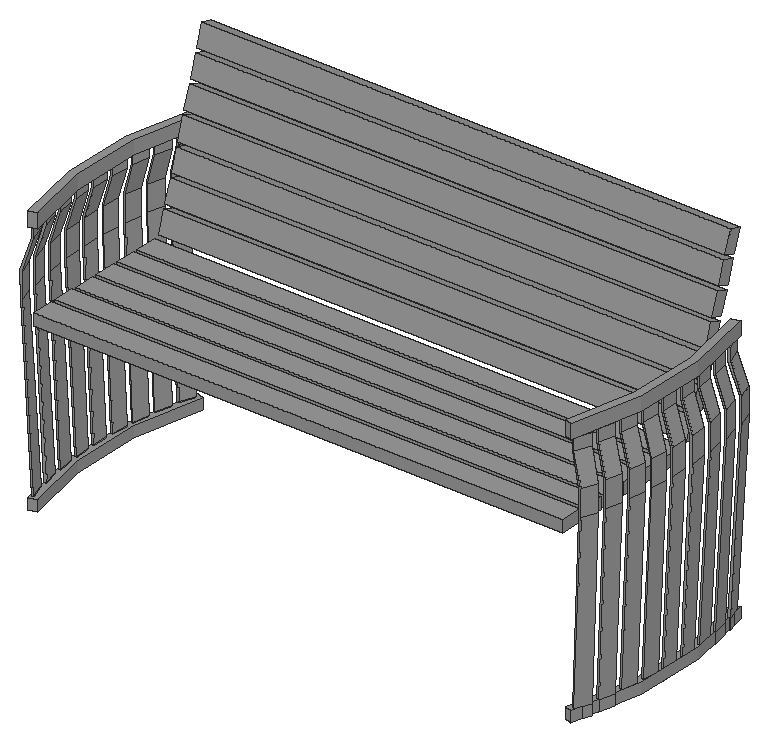
Revit family "Скамейка стальная «Плума» Арт 12915", category Антураж, Revit 2018
Family settings
  На основе рабочей плоскости = Нет
  Всегда вертикально = Да
  При загрузке вырезать с полостями = Нет
  Источник визуального образа = Геометрия семейства
  Общий = Нет
  Точка расчета площади = Нет
Parameters (values of type "Версия 1,50 м. Нержавеющая сталь")
  Ширина = 560 mm  # constant formula
  Цвет опоры = Нержавеющая сталь
  Цвет лавки = Дерево
  Описание = if([Версия 1,5 м], "Скамейка стальная «Плума». Версия 1,5 м", if([Версия 1,5 м НС], "Скамейка стальная «Плума». Версия 1,5 м. Нержавеющая сталь", "Скамейка стальная «Плума». Версия 1,8 м"))  # "Скамейка стальная «Плума». Версия 1,5 м. Нержавеющая сталь"
  Материал изделия = if(or([Версия 1,5 м], [Версия 1,8 м]), "Сталь, дерево", "Нержавеющая сталь, дерево")  # "Нержавеющая сталь, дерево"
  Изображение типоразмера = Скамейка стальная «Плума» Арт 12915.jpg
  Изготовитель = "ООО «Хоббика»"  # constant formula
  Длина = if(or([Версия 1,5 м], [Версия 1,5 м НС]), 1500 mm, 1800 mm)  # 1500 mm
  Группа модели = "Скамейки"  # constant formula
  Высота = 880 mm  # constant formula
  Версия 1,8 м = not(or([Версия 1,5 м], [Версия 1,5 м НС]))  # no
  Версия 1,5 м НС = yes
  Версия 1,5 м = no
  Артикул товара = "Арт. 12915"  # constant formula
  URL = "https://hobbyka.ru/product/skameyka_ulichnaya_pluma/"
Types (4, lengths in mm): name | Цвет опоры | Описание | Материал изделия | Длина | Версия 1,8 м | Версия 1,5 м НС | Версия 1,5 м
  (no name) | Нержавеющая сталь | "Скамейка стальная «Плума». Версия 1,5 м. Нержавеющая сталь" | "Нержавеющая сталь, дерево" | 1500 | no | yes | no
  Версия 1,5 м | Сталь | "Скамейка стальная «Плума». Версия 1,5 м" | "Сталь, дерево" | 1500 | no | no | yes
  Версия 1,50 м. Нержавеющая сталь | Нержавеющая сталь | "Скамейка стальная «Плума». Версия 1,5 м. Нержавеющая сталь" | "Нержавеющая сталь, дерево" | 1500 | no | yes | no
  Версия 1,8 м | Сталь | "Скамейка стальная «Плума». Версия 1,8 м" | "Сталь, дерево" | 1800 | yes | no | no
Reference planes
  plane 1 "По центру (Вперед/Назад)": y = 0
  plane 2: z = 0
  plane 3 "По центру (Влево/Вправо)": x = 0
  plane 4: x = 1500
  plane 5: y = 560
  plane 6: x = 1416.733
  plane 7: x = 83.267
  plane 8: z = 880
Forms (mm)
  Extrusion 1, solid, material "Дерево" <- "Цвет лавки"
    sketch origin (0, 0, 0) x (0, 1, 0) y (0, 0, 1)
      loop
        line (530, 880) -> (513.004, 827.692) -> (541.536, 818.421) -> (558.532, 870.729) -> (530, 880)
      loop
        line (380, 454.11) -> (325, 454.11) -> (325, 424.11) -> (380, 424.11) -> (380, 454.11)
      loop
        line (509.914, 818.181) -> (492.918, 765.873) -> (521.45, 756.603) -> (538.446, 808.911) -> (509.914, 818.181)
      loop
        line (489.828, 756.363) -> (472.832, 704.055) -> (501.364, 694.784) -> (518.359, 747.092) -> (489.828, 756.363)
      loop
        line (469.742, 694.544) -> (452.746, 642.236) -> (481.277, 632.965) -> (498.273, 685.273) -> (469.742, 694.544)
      loop
        line (449.656, 632.725) -> (432.66, 580.417) -> (461.191, 571.147) -> (478.187, 623.455) -> (449.656, 632.725)
      loop
        line (429.569, 570.907) -> (412.574, 518.599) -> (441.105, 509.328) -> (458.101, 561.636) -> (429.569, 570.907)
      loop
        line (409.483, 509.088) -> (392.487, 456.78) -> (421.019, 447.509) -> (438.015, 499.817) -> (409.483, 509.088)
      loop
        line (0, 454.11) -> (0, 424.11) -> (55, 424.11) -> (55, 454.11) -> (0, 454.11)
      loop
        line (65, 454.11) -> (65, 424.11) -> (120, 424.11) -> (120, 454.11) -> (65, 454.11)
      loop
        line (130, 454.11) -> (130, 424.11) -> (185, 424.11) -> (185, 454.11) -> (130, 454.11)
      loop
        line (195, 454.11) -> (195, 424.11) -> (250, 424.11) -> (250, 454.11) -> (195, 454.11)
      loop
        line (260, 454.11) -> (260, 424.11) -> (315, 424.11) -> (315, 454.11) -> (260, 454.11)
    from 83.267 to 1416.733
Dimensions and locks
  "Ширина": plane 5 to plane 1 "По центру (Вперед/Назад)"
  "Длина": plane 3 "По центру (Влево/Вправо)" to plane 4
  locked: plane 6 to plane 4 at 83.267
  locked: plane 3 "По центру (Влево/Вправо)" to plane 7 at 83.267
  "Высота": plane 8 to plane 2
  aligned and locked: level to plane 2
  aligned and locked: plane 3 "По центру (Влево/Вправо)" to nested 1
  aligned and locked: plane 4 to nested 2
  aligned and locked: Extrusion 1 to plane 7
  aligned and locked: plane 6 to Extrusion 1
Automatic sketch dimensions
  Extrusion 1 sketch curve to plane 1 "По центру (Вперед/Назад)" = 0 mm
  Extrusion 1 sketch curve to plane 8 = 0 mm
  Extrusion 1 sketch curve to plane 5 = 1.468 mm
  Extrusion 1 sketch curve to Extrusion 1 sketch curve = 9.271 mm
  Extrusion 1 sketch curve to Extrusion 1 sketch curve = 16.996 mm  (x5)
  Extrusion 1 sketch curve to Extrusion 1 sketch curve = 3.09 mm  (x12)
  Extrusion 1 sketch curve to plane 5 = 50.086 mm
  Extrusion 1 sketch curve to Extrusion 1 sketch curve = 32.67 mm
  Extrusion 1 sketch curve to plane 1 "По центру (Вперед/Назад)" = 55 mm
  Extrusion 1 sketch curve to Extrusion 1 sketch curve = 55 mm  (x5)
  Extrusion 1 sketch curve to Extrusion 1 sketch curve = 10 mm  (x5)
  Extrusion 1 sketch curve to Extrusion 1 sketch curve = 12.487 mm
  Extrusion 1 sketch curve to Extrusion 1 sketch curve = 30 mm  (x4)
  Extrusion 1 sketch curve to Extrusion 1 sketch curve = 61.819 mm  (x2)
  Extrusion 1 sketch curve to Extrusion 1 sketch curve = 43.038 mm
  Extrusion 1 sketch curve to Extrusion 1 sketch curve = 9.511 mm  (x9)
  Extrusion 1 sketch curve to Extrusion 1 sketch curve = 28.532 mm
  Extrusion 1 sketch curve to Extrusion 1 sketch curve = 0 mm  (x7)
Nested families
  nested 1: "Скамейка стальная «Плума» Арт 12915 опора" at (0, 0, 0), type "Скамейка стальная «Плума» Арт 12915 опора"
  nested 2: "Скамейка стальная «Плума» Арт 12915 опора" at (1500, 0, 0) x (-1, 0, 0) z (0, 0, 1), type "Скамейка стальная «Плума» Арт 12915 опора"
Definition of nested family "Скамейка стальная «Плума» Арт 12915 опора"
  Parameters (values of type "Скамейка стальная «Плума» Арт 12915 опора")
    Цвет опоры = none
    Height = 0 mm
  Reference planes
    plane 1 "По центру (Вперед/Назад)": y = 0
    plane 2: z = 0
    plane 3 "По центру (Влево/Вправо)": x = 0
    plane 4: y = 560
  Forms (mm)
    Extrusion 1, solid, material <- "Цвет опоры"
      sketch origin (0, 0, 0) x (1, 0, 0) y (0, 0, 1)
        loop
          line (28.17, 639.412) -> (28.17, 610.16) -> (5, 534.373) -> (5, 468.955) -> (28.163, 26.971) -> (28.163, 0) -> (33.163, 0) -> (33.163, 27.102) -> (10, 469.086) -> (10, 533.626) -> (33.17, 609.412) -> (33.17, 639.412) -> (28.17, 639.412)
      from -250 to -290
    Extrusion 2, solid, material <- "Цвет опоры"
      sketch origin (-60.911, 265.525, 0) x (0.939708, -0.341978, 0) y (0, 0, 1)
        loop
          line (28.17, 639.412) -> (28.17, 610.16) -> (5, 534.373) -> (5, 468.955) -> (28.163, 26.971) -> (28.163, 0) -> (33.163, 0) -> (33.163, 27.102) -> (10, 469.086) -> (10, 533.626) -> (33.17, 609.412) -> (33.17, 639.412) -> (28.17, 639.412)
      from -250 to -290
    Extrusion 3, solid, material <- "Цвет опоры"
      sketch origin (-21.637, 63.994, 0) x (0.996196, -0.087144, 0) y (0, 0, 1)
        loop
          line (28.17, 639.412) -> (28.17, 610.16) -> (5, 534.373) -> (5, 468.955) -> (28.163, 26.971) -> (28.163, 0) -> (33.163, 0) -> (33.163, 27.102) -> (10, 469.086) -> (10, 533.626) -> (33.17, 609.412) -> (33.17, 639.412) -> (28.17, 639.412)
      from -250 to -290
    Extrusion 4, solid, material <- "Цвет опоры"
      sketch origin (-39.097, 129.739, 0) x (0.984812, -0.173626, 0) y (0, 0, 1)
        loop
          line (28.17, 639.412) -> (28.17, 610.16) -> (5, 534.373) -> (5, 468.955) -> (28.163, 26.971) -> (28.163, 0) -> (33.163, 0) -> (33.163, 27.102) -> (10, 469.086) -> (10, 533.626) -> (33.17, 609.412) -> (33.17, 639.412) -> (28.17, 639.412)
      from -250 to -290
    Extrusion 5, solid, material <- "Цвет опоры"
      sketch origin (-52.234, 196.998, 0) x (0.965935, -0.258786, 0) y (0, 0, 1)
        loop
          line (28.17, 639.412) -> (28.17, 610.16) -> (5, 534.373) -> (5, 468.955) -> (28.163, 26.971) -> (28.163, 0) -> (33.163, 0) -> (33.163, 27.102) -> (10, 469.086) -> (10, 533.626) -> (33.17, 609.412) -> (33.17, 639.412) -> (28.17, 639.412)
      from -250 to -290
    Extrusion 6, solid, material <- "Цвет опоры"
      sketch origin (-60.911, 277.146, 0) x (0.939708, 0.341978, 0) y (0, 0, -1)
        loop
          line (28.17, -639.412) -> (33.17, -639.412) -> (33.17, -609.412) -> (10, -533.626) -> (10, -469.086) -> (33.163, -27.102) -> (33.163, 0) -> (28.163, 0) -> (28.163, -26.971) -> (5, -468.955) -> (5, -534.373) -> (28.17, -610.16) -> (28.17, -639.412)
      from -250 to -290
    Extrusion 7, solid, material <- "Цвет опоры"
      sketch origin (-21.637, 478.677, 0) x (0.996196, 0.087144, 0) y (0, 0, -1)
        loop
          line (28.17, -639.412) -> (33.17, -639.412) -> (33.17, -609.412) -> (10, -533.626) -> (10, -469.086) -> (33.163, -27.102) -> (33.163, 0) -> (28.163, 0) -> (28.163, -26.971) -> (5, -468.955) -> (5, -534.373) -> (28.17, -610.16) -> (28.17, -639.412)
      from -250 to -290
    Extrusion 8, solid, material <- "Цвет опоры"
      sketch origin (-39.097, 412.933, 0) x (0.984812, 0.173626, 0) y (0, 0, -1)
        loop
          line (28.17, -639.412) -> (33.17, -639.412) -> (33.17, -609.412) -> (10, -533.626) -> (10, -469.086) -> (33.163, -27.102) -> (33.163, 0) -> (28.163, 0) -> (28.163, -26.971) -> (5, -468.955) -> (5, -534.373) -> (28.17, -610.16) -> (28.17, -639.412)
      from -250 to -290
    Extrusion 9, solid, material <- "Цвет опоры"
      sketch origin (-52.234, 345.673, 0) x (0.965935, 0.258786, 0) y (0, 0, -1)
        loop
          line (28.17, -639.412) -> (33.17, -639.412) -> (33.17, -609.412) -> (10, -533.626) -> (10, -469.086) -> (33.163, -27.102) -> (33.163, 0) -> (28.163, 0) -> (28.163, -26.971) -> (5, -468.955) -> (5, -534.373) -> (28.17, -610.16) -> (28.17, -639.412)
      from -250 to -290
    Extrusion 10, solid, material <- "Цвет опоры"
      sketch origin (0, 0, 0) x (1, 0, 0) y (0, 1, 0)
        loop
          arc (64.185, 538.896) -> (23.17, 271.336) -> (64.185, 3.775) r 893.224
          line (64.185, 3.775) -> (83.267, 9.766)
          arc (83.267, 9.766) -> (43.17, 271.336) -> (83.267, 532.905) r 873.224
          line (83.267, 532.905) -> (64.185, 538.896)
      from 639.412 to 675
    Extrusion 11, solid, material <- "Цвет опоры"
      sketch origin (0, 0, 0) x (1, 0, 0) y (0, 1, 0)
        loop
          arc (64.185, 538.896) -> (23.17, 271.336) -> (64.185, 3.775) r 893.224
          line (64.185, 3.775) -> (83.267, 9.766)
          arc (83.267, 9.766) -> (43.17, 271.336) -> (83.267, 532.905) r 873.224
          line (83.267, 532.905) -> (64.185, 538.896)
      from 0 to 26.971
  Lines and regions (mm)
    symbolic lines
      curve 1: line (0, 0, 639.412) -> (150, 0, 639.412)
      curve 2: line (28.17, 0, 639.412) -> (28.17, 0, 610.16)
      curve 3: line (5, 0, 534.373) -> (5, 0, 468.955)
      curve 4: line (28.17, 0, 610.16) -> (5, 0, 534.373)
      curve 5: line (5, 0, 468.955) -> (28.17, 0, 26.84)
      curve 6: line (33.17, 0, 639.412) -> (33.17, 0, 609.412)
      curve 7: line (33.17, 0, 609.412) -> (10, 0, 533.626)
      curve 8: line (10, 0, 533.626) -> (10, 0, 469.086)
      curve 9: line (10, 0, 469.086) -> (33.163, 0, 27.102)
  Dimensions and locks
    plane 4 to plane 1 "По центру (Вперед/Назад)" = 560 mm
    aligned and locked: level to plane 2
